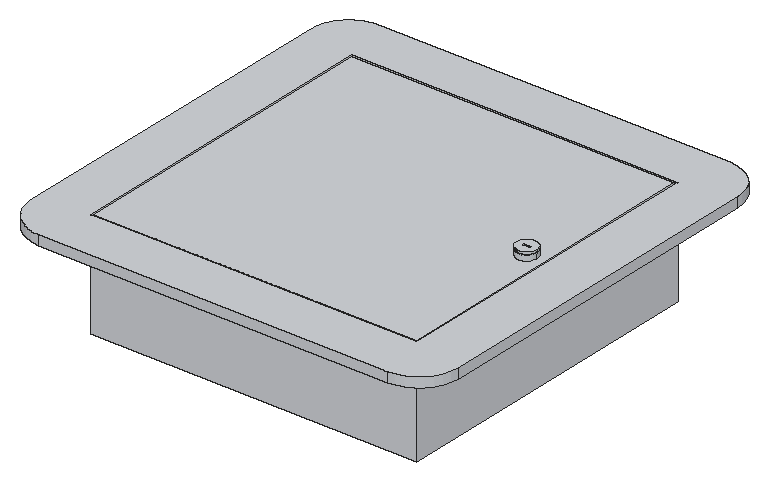
Revit family "MPFR", category Generic Models, host Face, Revit 2018
Family settings
  Host = Face
  Can host rebar = No
  Round Connector Dimension = Use Diameter
  Part Type = Normal
  Cut with Voids When Loaded = No
  Shared = No
  Room Calculation Point = No
Parameters (values of type "MPFR-8” x 8”")
  Width = 0' - 8"
  URL = "WWW.MIFAB.COM"
  Model = "MPRF"
  Material = none
  Manufacturer = "MIFAB"
  Height = 0' - 8"
  Description = "INSULATED FIRE RATED ACCESS DOOR"
  Default Elevation = 4' - 0"
Types (20): name | Width | Height
  (no name) | 0' - 8" | 0' - 8"
  MPFR-8” x 8” | 0' - 8" | 0' - 8"
  MPFR-10” x10” | 0' - 10" | 0' - 10"
  MPFR-12” x 12” | 1' - 0" | 1' - 0"
  MPFR-12” x 18” | 1' - 0" | 1' - 6"
  MPFR-12” x 24” | 1' - 0" | 2' - 0"
  MPFR-14” x 14” | 1' - 2" | 1' - 2"
  MPFR-16” x 16” | 1' - 4" | 1' - 4"
  MPFR-18” x1 8” | 1' - 6" | 1' - 6"
  MPFR-20” x 20” | 1' - 8" | 1' - 8"
  MPFR-22” x 22” | 1' - 10" | 1' - 10"
  MPFR-22” x 30” | 1' - 10" | 2' - 6"
  MPFR-22” x 36” | 1' - 10" | 3' - 0"
  MPFR-24” x 24” | 2' - 0" | 2' - 0"
  MPFR-24” x 36” | 2' - 0" | 3' - 0"
  MPFR-24” x 48” | 2' - 0" | 4' - 0"
  MPFR-30” x 30” | 2' - 6" | 2' - 6"
  MPFR-32” x 32” | 2' - 8" | 2' - 8"
  MPFR-36” x 36” | 3' - 0" | 3' - 0"
  MPFR-36” x 48” | 3' - 0" | 4' - 0"
Reference planes (in)
  plane 1 "Center (Front/Back)": y = 0
  plane 2: z = 0
  plane 3 "Center (Left/Right)": x = 0
  plane 4: x = -4
  plane 5: x = 4
  plane 6: y = 4
  plane 7: y = -4
  plane 8: x = -5.25
  plane 9: x = 5.25
  plane 10: y = -5.25
  plane 11: y = 5.25
  plane 12: z = -3.76378
  plane 13: z = 0.23622
  plane 14: z = 0.10148
  plane 15: z = -2.38878
  plane 16: y = 3.95605
  plane 17: y = -3.96063
  plane 18: x = -3.96063
  plane 19: x = 3.96063
  plane 20: z = -1.76378
Forms (in)
  Extrusion 1, solid, material <- "Material"
    sketch origin (0, 0, 0) x (1, 0, 0) y (0, 1, 0)
      loop
        line (-4, 4) -> (-4, -4) -> (4, -4) -> (4, 4) -> (-4, 4)
      loop
        line (3.96063, 3.95605) -> (-3.96063, 3.95605) -> (-3.96063, -3.96063) -> (3.96063, -3.96063) -> (3.96063, 3.95605)
    from -2.38878 to 0
  Extrusion 2, void
    sketch origin (0, 0, 0) x (1, 0, 0) y (0, 1, 0)
      loop
        line (-4.25, 4.25) -> (-4.25, -4.25) -> (4.25, -4.25) -> (4.25, 4.25) -> (-4.25, 4.25)
    from -2.38878 to 0.23622
  Extrusion 3, solid, material <- "Material"
    sketch origin (0, 0, 0) x (1, 0, 0) y (0, 1, 0)
      loop
        line (-3.96063, 3.95605) -> (-3.96063, -3.96063) -> (3.96063, -3.96063) -> (3.96063, 3.95605) -> (-3.96063, 3.95605)
    from -1.76378 to 0.23622
  Extrusion 4, solid, material <- "Material"
    sketch origin (0, 0, 0) x (1, 0, 0) y (0, 1, 0)
      loop
        line (-4, 4) -> (-4, -4) -> (4, -4) -> (4, 4) -> (-4, 4)
      loop
        arc (5.25, 4.28426) -> (4.96714, 4.96714) -> (4.28426, 5.25) r 0.96574
        line (4.28426, 5.25) -> (-4.28516, 5.25)
        arc (-4.28516, 5.25) -> (-4.9674, 4.9674) -> (-5.25, 4.28516) r 0.96484
        line (-5.25, 4.28516) -> (-5.25, -4.28516)
        arc (-5.25, -4.28516) -> (-4.9674, -4.9674) -> (-4.28516, -5.25) r 0.96484
        line (-4.28516, -5.25) -> (4.28516, -5.25)
        arc (4.28516, -5.25) -> (4.9674, -4.9674) -> (5.25, -4.28516) r 0.96484
        line (5.25, -4.28516) -> (5.25, 4.28426)
    from 0 to 0.23622
Dimensions and locks (in)
  equal spacing: plane 7, plane 1 "Center (Front/Back)", plane 6
  locked: plane 11 to plane 6 at 1.25
  locked: plane 7 to plane 10 at 1.25
  "Height": plane 7 to plane 6
  equal spacing: plane 4, plane 3 "Center (Left/Right)", plane 5
  "Width": plane 4 to plane 5
  locked: plane 8 to plane 4 at 1.25
  locked: plane 5 to plane 9 at 1.25
  locked: plane 7 to Extrusion 1 sketch curve at 0.03937
  locked: plane 6 to Extrusion 1 sketch curve at 0.04395
  locked: Extrusion 1 sketch curve to plane 5 at 0.03937
  locked: plane 4 to Extrusion 1 sketch curve at 0.03937
  locked: plane 13 to plane 2 at 0.23622
  locked: plane 13 to plane 14 at 0.13474
  locked: Extrusion 4 sketch curve to plane 11 at 0.96574
  locked: Extrusion 4 sketch curve to plane 9 at 0.96574
  locked: Extrusion 4 sketch curve to plane 9 at 0.96484
  locked: Extrusion 4 sketch curve to plane 10 at 0.96484  (x2)
  locked: plane 8 to Extrusion 4 sketch curve at 0.96484  (x2)
  locked: Extrusion 4 sketch curve to plane 11 at 0.96484
  locked: plane 13 to plane 15 at 2.625
  locked: plane 6 to plane 16 at 0.04395
  locked: plane 7 to plane 17 at 0.03937
  locked: plane 4 to plane 18 at 0.03937
  locked: plane 19 to plane 5 at 0.03937
  locked: Extrusion 4 to plane 20 at 2
  locked: Extrusion 2 sketch curve to plane 4 at 0.25
  locked: Extrusion 2 sketch curve to plane 6 at 0.25
  locked: Extrusion 2 sketch curve to plane 7 at 0.25
  locked: plane 5 to Extrusion 2 sketch curve at 0.25
  locked: Extrusion 4 to plane 15 at 2.625
  Extrusion 4 to Extrusion 3 = 0' - 2"
  locked: nested 1 to plane 5 at 0.5
  aligned and locked: plane 2 to host face
  aligned and locked: level to host face
  aligned and locked: Extrusion 1 sketch curve to plane 4
  aligned and locked: Extrusion 1 sketch curve to plane 6
  aligned and locked: plane 5 to Extrusion 1 sketch curve
  aligned and locked: plane 7 to Extrusion 1 sketch curve
  aligned and locked: Extrusion 4 sketch curve to plane 4
  aligned and locked: plane 5 to Extrusion 4 sketch curve
  aligned and locked: plane 7 to Extrusion 4 sketch curve
  aligned and locked: Extrusion 4 sketch curve to plane 6
  aligned and locked: plane 9 to Extrusion 4 sketch curve
  aligned and locked: Extrusion 4 sketch curve to plane 8
  aligned and locked: Extrusion 4 sketch curve to plane 10
  aligned and locked: Extrusion 4 to plane 2
  aligned and locked: plane 13 to Extrusion 4
  aligned and locked: level to Extrusion 1
  aligned and locked: Extrusion 1 to plane 15
  aligned and locked: plane 19 to Extrusion 3 sketch curve
  aligned and locked: Extrusion 3 sketch curve to plane 16
  aligned and locked: Extrusion 3 sketch curve to plane 18
  aligned and locked: plane 17 to Extrusion 3 sketch curve
  aligned and locked: Extrusion 2 to Extrusion 1
  aligned and locked: plane 13 to Extrusion 2
  aligned and locked: Extrusion 3 to plane 20
  aligned and locked: plane 13 to Extrusion 3
  aligned and locked: plane 1 "Center (Front/Back)" to nested 1
Automatic sketch dimensions
  host sketch curve to host sketch curve = 4' - 7.62848"
  host sketch curve to host sketch curve = 5' - 8.13518"
Nested families (in)
  nested 1: "Handle-1" at (3.5, 0, 0.23622), type "Handle-1"
Definition of nested family "Handle-1"
  Parameters (values of type "Handle-1")
    Material = none
    Default Elevation = 4' - 0"
  Reference planes (in)
    plane 1 "Center (Front/Back)": y = 0
    plane 2: z = 0
    plane 3 "Center (Left/Right)": x = 0
    plane 4: z = 0.46152
  Forms (in)
    Extrusion 1, solid
      sketch origin (0, 0, 0) x (1, 0, 0) y (0, 1, 0)
        loop
          line (-48, 48) -> (-48, -48) -> (48, -48) -> (48, 48) -> (-48, 48)
      from 0 to -12
    Revolve 2, solid
      sketch origin (0, 0, 0) x (1, 0, 0) y (0, 0, 1)
        loop
          line (0, 0) -> (0.25, 0) -> (0.25, 0.12907)
          arc (0.25, 0.12907) -> (0.24341, 0.14499) -> (0.22749, 0.15158) r 0.02251
          line (0.22749, 0.15158) -> (0, 0.15158) -> (0, 0)
        axis (0, 0) -> (0, 0.15158)
      angle from 0 to 360
    Extrusion 3, solid
      sketch origin (-3.78692, 0, -0.49918) x (1, 0, 0) y (0, 1, 0)
        loop
          circle (3.78692, 0) r 0.25
        loop
          line (3.70895, 0.01538) -> (3.70895, -0.01537) -> (3.86488, -0.01537) -> (3.86488, 0.01538) -> (3.70895, 0.01538)
      from 0.64964 to 0.6877
  Dimensions and locks (in)
    aligned and locked: plane 2 to Extrusion 1
    aligned and locked: level to Extrusion 1
